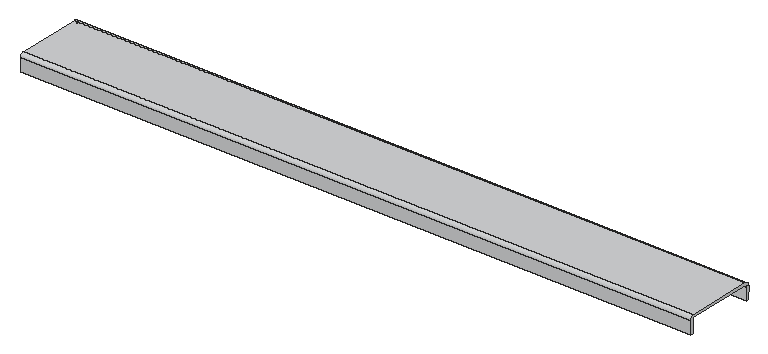
Revit family "Schlüter-KERDI-LINE-D E Fliesenträger D", category Sanitärinstallationen, Revit 2018
Family settings
  Bemaßung runder Anschluss = Durchmesser verwenden
  Teiletyp = Normal
  OmniClass-Nummer = 23.45.00.00
  OmniClass-Titel = Sanitary, Laundry, and Cleaning Equipment
  Arbeitsebenenbasiert = Nein
  Immer vertikal = Ja
  Beim Laden mit Abzugskörper schneiden = Nein
  Gemeinsam genutzt = Nein
  Raumberechnungspunkt = Nein
Parameters (values of type "Schlüter-KERDI-LINE-D E Fliesenträger D")
  Werkstoff-Nr = "1.4404"
  Werkstoff Text = "Edelstahl|rostfreier Stahl (V4A)"
  WFU = 0
  URL = "https://www.schlueter.de/"
  Typname = "Schlüter-KERDI-LINE-D E Fliesenträger D"
  Type Comments = ""
  Produktseite = "https://media.live.bim.site/t/eyJhbGciOiJIUzI1NiIsInR5cCI6IkpXVCJ9.eyJjdCI6MiwidHUiOiJodHRwczovL3d3dy5zY2hsdWV0ZXIuZGUva2VyZGktbGluZS12YXJpYW50ZW4uYXNweCNkIiwiY2lkIjoiZmVkOThlOWEtMWJkOC00YzY4LWE3M2ItNzRhOTRlMzE1ODIzIiwicmlkIjoiYmM5ODllNWVkYzlkYTVhNWM5OGUyOWE5ODlkZDAyM2QiLCJwaWQiOiJlODRjOWYzYTY4ZDViN2NkZjYzNGVlMzI5OGNhOWYxYTJjMmZiMjQyIiwic2lkIjoiNjE5MTkiLCJ1dCI6MSwibGMiOiJkZSIsImlhdCI6MTYyMDEwNzA2NCwiaXNzIjoiaHR0cHM6Ly9hcGkubGl2ZS5iaW0uc2l0ZSIsInN1YiI6IjExODcxYTdjLWY3ZGMtNDU2Ny05NDA4LWZlOTk4NmFkNjkwMSJ9.-usRpcu3WOqWEZ8SMLseevcmclxnr4vsk8MfO5RpMo8"
  Model = ""
  Mit Rahmen = no
  Lüftungsverbindung = no
  Länge [mm] Number = 0
  Länge [mm] = "[490:1790]"
  Length = 490 mm
  Kosten = 0
  KW-Verbindung = no
  Ist Zubehör = no
  Ist System = no
  Hersteller = "Schlüter-Systems"
  HeinzeBIM = "https://www.heinze.de/bim/schlueter-kerdi-line-d-e-fliesentraeger-d/e84c9f3a68d5b7cdf634ee3298ca9f1a2c2fb242"
  Height = 12 mm
  Material [instance] = Stainless steel
  Handbuch = "https://media.live.bim.site/t/eyJhbGciOiJIUzI1NiIsInR5cCI6IkpXVCJ9.eyJjdCI6MSwidGYiOiJwdWJsaWMvc2NobHV0ZXItc3lzdGVtcy9lNTUzODVlLzU1MzM2Nl9FaW5iYXVfS0VSREktTElORS1EXzA4MTMucGRmIiwiY2lkIjoiZmVkOThlOWEtMWJkOC00YzY4LWE3M2ItNzRhOTRlMzE1ODIzIiwicmlkIjoiYmM5ODllNWVkYzlkYTVhNWM5OGUyOWE5ODlkZDAyM2QiLCJwaWQiOiJlODRjOWYzYTY4ZDViN2NkZjYzNGVlMzI5OGNhOWYxYTJjMmZiMjQyIiwic2lkIjoiNjE5MTkiLCJ1dCI6MiwibGMiOiJkZSIsImlhdCI6MTYyMDEwNzA2NCwiaXNzIjoiaHR0cHM6Ly9hcGkubGl2ZS5iaW0uc2l0ZSIsInN1YiI6IjExODcxYTdjLWY3ZGMtNDU2Ny05NDA4LWZlOTk4NmFkNjkwMSJ9.ehR4wooiuV3hJ446NgDGnOXAvgca0BTtWRt3XpgOjsY/553366_Einbau_KERDI-LINE-D_0813.pdf"
  HZPSID = ""
  HZPID = ""
  HWFU = 0
  HW-Verbindung = no
  HAN = ""
  GTIN = ""
  Datenblatt 3 = "https://media.live.bim.site/t/eyJhbGciOiJIUzI1NiIsInR5cCI6IkpXVCJ9.eyJjdCI6MSwidGYiOiJwdWJsaWMvc2NobHV0ZXItc3lzdGVtcy9lNTUzODVlLzU1MDAxMV9CUExfUFMyMF9ERS5wZGYiLCJjaWQiOiJmZWQ5OGU5YS0xYmQ4LTRjNjgtYTczYi03NGE5NGUzMTU4MjMiLCJyaWQiOiJiYzk4OWU1ZWRjOWRhNWE1Yzk4ZTI5YTk4OWRkMDIzZCIsInBpZCI6ImU4NGM5ZjNhNjhkNWI3Y2RmNjM0ZWUzMjk4Y2E5ZjFhMmMyZmIyNDIiLCJzaWQiOiI2MTkxOSIsInV0IjoxLCJsYyI6ImRlIiwiaWF0IjoxNjIwMTA3MDY0LCJpc3MiOiJodHRwczovL2FwaS5saXZlLmJpbS5zaXRlIiwic3ViIjoiMTE4NzFhN2MtZjdkYy00NTY3LTk0MDgtZmU5OTg2YWQ2OTAxIn0.SHjCxgrkszJPJPwI4-_Zls-DscIl2v82l70skiI7ARs/550011_BPL_PS20_DE.pdf"
  Datenblatt 2 = "https://media.live.bim.site/t/eyJhbGciOiJIUzI1NiIsInR5cCI6IkpXVCJ9.eyJjdCI6MSwidHUiOiJodHRwczovL3d3dy5oZWluemUuZGUvYXQtbWFuYWdlci9tYW5hZ2VyL2Zpcm1hLzYxOTE5LzQwMTI0OTAzP2NvbnRleHQ9MTgwNCIsImNpZCI6ImZlZDk4ZTlhLTFiZDgtNGM2OC1hNzNiLTc0YTk0ZTMxNTgyMyIsInJpZCI6ImJjOTg5ZTVlZGM5ZGE1YTVjOThlMjlhOTg5ZGQwMjNkIiwicGlkIjoiZTg0YzlmM2E2OGQ1YjdjZGY2MzRlZTMyOThjYTlmMWEyYzJmYjI0MiIsInNpZCI6IjYxOTE5IiwidXQiOjEsImxjIjoiZGUiLCJpYXQiOjE2MjAxMDcwNjQsImlzcyI6Imh0dHBzOi8vYXBpLmxpdmUuYmltLnNpdGUiLCJzdWIiOiIxMTg3MWE3Yy1mN2RjLTQ1NjctOTQwOC1mZTk5ODZhZDY5MDEifQ.gVQqSiIvFkjCmCw9ATl2EPmk3qxOhOJrY6RHh1mMoZ4"
  Datenblatt 1 = "https://media.live.bim.site/t/eyJhbGciOiJIUzI1NiIsInR5cCI6IkpXVCJ9.eyJjdCI6MSwidGYiOiJwdWJsaWMvc2NobHV0ZXItc3lzdGVtcy9lNTUzODVlL0VudHdhZXNzZXJ1bmdzLUtvbmZpZ3VyYXRvcl8yMDE5X1YwMF8wMDAueGxzYiIsImNpZCI6ImZlZDk4ZTlhLTFiZDgtNGM2OC1hNzNiLTc0YTk0ZTMxNTgyMyIsInJpZCI6ImJjOTg5ZTVlZGM5ZGE1YTVjOThlMjlhOTg5ZGQwMjNkIiwicGlkIjoiZTg0YzlmM2E2OGQ1YjdjZGY2MzRlZTMyOThjYTlmMWEyYzJmYjI0MiIsInNpZCI6IjYxOTE5IiwidXQiOjEsImxjIjoiZGUiLCJpYXQiOjE2MjAxMDcwNjQsImlzcyI6Imh0dHBzOi8vYXBpLmxpdmUuYmltLnNpdGUiLCJzdWIiOiIxMTg3MWE3Yy1mN2RjLTQ1NjctOTQwOC1mZTk5ODZhZDY5MDEifQ.zLMS6m3zhMJ5UztCX9AaoTFWDIRrIMSYmlUgmVaanTs/Entwaesserungs-Konfigurator_2019_V00_000.xlsb"
  Datenblatt = "https://media.live.bim.site/t/eyJhbGciOiJIUzI1NiIsInR5cCI6IkpXVCJ9.eyJjdCI6MSwidGYiOiJwdWJsaWMvc2NobHV0ZXItc3lzdGVtcy9lNTUzODVlL3NjaGx1ZXRlcl9kYl84Xzdfa2VyZGlfbGluZV9kZS5wZGYiLCJjaWQiOiJmZWQ5OGU5YS0xYmQ4LTRjNjgtYTczYi03NGE5NGUzMTU4MjMiLCJyaWQiOiJiYzk4OWU1ZWRjOWRhNWE1Yzk4ZTI5YTk4OWRkMDIzZCIsInBpZCI6ImU4NGM5ZjNhNjhkNWI3Y2RmNjM0ZWUzMjk4Y2E5ZjFhMmMyZmIyNDIiLCJzaWQiOiI2MTkxOSIsInV0IjoxLCJsYyI6ImRlIiwiaWF0IjoxNjIwMTA3MDY0LCJpc3MiOiJodHRwczovL2FwaS5saXZlLmJpbS5zaXRlIiwic3ViIjoiMTE4NzFhN2MtZjdkYy00NTY3LTk0MDgtZmU5OTg2YWQ2OTAxIn0.0WUssQwjgkTfSGk8mXISvyHb53dAZhrFZLyY6TUCG1Q/schlueter_db_8_7_kerdi_line_de.pdf"
  CWFU = 0
  Breite [mm] Number = 50
  Beschreibung = "Schlüter-KERDI-LINE-D ist eine rahmenlose Rinnenabdeckung, passend zu Schlüter- KERDI-LINE Rinnenkörpern. Der Belagträger ist mit einem Vlies zur Verankerung des Fliesenklebers ausgestattet und universell für alle Belagstärken geeignet. Die Schlüter®-KERDI-LINE Rinnenkörper bestehen aus solidem Edelstahl und sind in Ausführungen für die horizontale oder vertikale Entwässerung verfügbar. Sie sind in 8 Längen, passend zu den systemgehörigen Rost-/Rahmen-Kombination (Designabdeckung geschlossen/ gelocht/ Fliesenmulde) und Belagträgern erhältlich. Die Schlüter®-KERDI-LINE Rinnenkörper sind so konzipiert, dass sie variabel sowohl im Wandbereich als auch in der Fläche eingebaut werden können. Die mehrseitig umklebte Schlüter®-KERDI-LINE-Manschette ermöglicht eine sichere Abdichtung."
  Assembly Code = ""
  Keynote = ""
  BIMSITE_PRODUCT_ID = "e84c9f3a68d5b7cdf634ee3298ca9f1a2c2fb242"
  BIM = "https://media.live.bim.site/t/eyJhbGciOiJIUzI1NiIsInR5cCI6IkpXVCJ9.eyJjdCI6MSwidGYiOiJwdWJsaWMvc2NobHV0ZXItc3lzdGVtcy9lNTUzODVlL0tMIFJvc3QgRF9FLnJmYSIsImNpZCI6ImZlZDk4ZTlhLTFiZDgtNGM2OC1hNzNiLTc0YTk0ZTMxNTgyMyIsInJpZCI6ImJjOTg5ZTVlZGM5ZGE1YTVjOThlMjlhOTg5ZGQwMjNkIiwicGlkIjoiZTg0YzlmM2E2OGQ1YjdjZGY2MzRlZTMyOThjYTlmMWEyYzJmYjI0MiIsInNpZCI6IjYxOTE5IiwidXQiOjUsImxjIjoiZGUiLCJpYXQiOjE2MjAxMDcwNjQsImlzcyI6Imh0dHBzOi8vYXBpLmxpdmUuYmltLnNpdGUiLCJzdWIiOiIxMTg3MWE3Yy1mN2RjLTQ1NjctOTQwOC1mZTk5ODZhZDY5MDEifQ._4EKeiaB-3dRqJSmc4n4UZln1V8aQqu5oFcfQQ8vDCE/KL Rost D_E.rfa"
  Ausführung Text = "Belagträger D, universell für alle Belagstärken geeignet"
  Ausführung Abdeckung = "Abdeckplatte für wählbare Oberfläche"
  Abwasserrohrverbindung = no
Types (15, lengths in mm): name | Werkstoff-Nr | Werkstoff Text | URL | Typname | Produktseite | Mit Rahmen | Länge [mm] | Length | Ist Zubehör | Ist System | Hersteller | HeinzeBIM | Handbuch | Datenblatt 3 | Datenblatt 2 | Datenblatt 1 | Datenblatt | Breite [mm] Number | Beschreibung | BIMSITE_PRODUCT_ID | BIM | Ausführung Text | Ausführung Abdeckung
  KLD E 50 | "" | "" | 0 | "" | "" | yes | "" | 490 | yes | yes | 0 | "" | "" | "" | "" | "" | "" | 0 | 0 | "" | "" | "" | ""
  KLD E 60 | "" | "" | 0 | "" | "" | yes | "" | 590 | yes | yes | 0 | "" | "" | "" | "" | "" | "" | 0 | 0 | "" | "" | "" | ""
  KLD E 70 | "" | "" | 0 | "" | "" | yes | "" | 690 | yes | yes | 0 | "" | "" | "" | "" | "" | "" | 0 | 0 | "" | "" | "" | ""
  KLD E 80 | "" | "" | 0 | "" | "" | yes | "" | 790 | yes | yes | 0 | "" | "" | "" | "" | "" | "" | 0 | 0 | "" | "" | "" | ""
  KLD E 90 | "" | "" | 0 | "" | "" | yes | "" | 890 | yes | yes | 0 | "" | "" | "" | "" | "" | "" | 0 | 0 | "" | "" | "" | ""
  KLD E 100 | "" | "" | 0 | "" | "" | yes | "" | 990 | yes | yes | 0 | "" | "" | "" | "" | "" | "" | 0 | 0 | "" | "" | "" | ""
  KLD E 110 | "" | "" | 0 | "" | "" | yes | "" | 1090 | yes | yes | 0 | "" | "" | "" | "" | "" | "" | 0 | 0 | "" | "" | "" | ""
  KLD E 120 | "" | "" | 0 | "" | "" | yes | "" | 1190 | yes | yes | 0 | "" | "" | "" | "" | "" | "" | 0 | 0 | "" | "" | "" | ""
  KLD E 130 | "" | "" | 0 | "" | "" | yes | "" | 1290 | yes | yes | 0 | "" | "" | "" | "" | "" | "" | 0 | 0 | "" | "" | "" | ""
  KLD E 140 | "" | "" | 0 | "" | "" | yes | "" | 1390 | yes | yes | 0 | "" | "" | "" | "" | "" | "" | 0 | 0 | "" | "" | "" | ""
  KLD E 150 | "" | "" | 0 | "" | "" | yes | "" | 1490 | yes | yes | 0 | "" | "" | "" | "" | "" | "" | 0 | 0 | "" | "" | "" | ""
  KLD E 160 | "" | "" | 0 | "" | "" | yes | "" | 1590 | yes | yes | 0 | "" | "" | "" | "" | "" | "" | 0 | 0 | "" | "" | "" | ""
  KLD E 170 | "" | "" | 0 | "" | "" | yes | "" | 1690 | yes | yes | 0 | "" | "" | "" | "" | "" | "" | 0 | 0 | "" | "" | "" | ""
  KLD E 180 | "" | "" | 0 | "" | "" | yes | "" | 1790 | yes | yes | 0 | "" | "" | "" | "" | "" | "" | 0 | 0 | "" | "" | "" | ""
  Schlüter-KERDI-LINE-D E Fliesenträger D | "1.4404" | "Edelstahl|rostfreier Stahl (V4A)" | "https://www.schlueter.de/" | "Schlüter-KERDI-LINE-D E Fliesenträger D" | "https://media.live.bim.site/t/eyJhbGciOiJIUzI1NiIsInR5cCI6IkpXVCJ9.eyJjdCI6MiwidHUiOiJodHRwczovL3d3dy5zY2hsdWV0ZXIuZGUva2VyZGktbGluZS12YXJpYW50ZW4uYXNweCNkIiwiY2lkIjoiZmVkOThlOWEtMWJkOC00YzY4LWE3M2ItNzRhOTRlMzE1ODIzIiwicmlkIjoiYmM5ODllNWVkYzlkYTVhNWM5OGUyOWE5ODlkZDAyM2QiLCJwaWQiOiJlODRjOWYzYTY4ZDViN2NkZjYzNGVlMzI5OGNhOWYxYTJjMmZiMjQyIiwic2lkIjoiNjE5MTkiLCJ1dCI6MSwibGMiOiJkZSIsImlhdCI6MTYyMDEwNzA2NCwiaXNzIjoiaHR0cHM6Ly9hcGkubGl2ZS5iaW0uc2l0ZSIsInN1YiI6IjExODcxYTdjLWY3ZGMtNDU2Ny05NDA4LWZlOTk4NmFkNjkwMSJ9.-usRpcu3WOqWEZ8SMLseevcmclxnr4vsk8MfO5RpMo8" | no | "[490:1790]" | 490 | no | no | "Schlüter-Systems" | "https://www.heinze.de/bim/schlueter-kerdi-line-d-e-fliesentraeger-d/e84c9f3a68d5b7cdf634ee3298ca9f1a2c2fb242" | "https://media.live.bim.site/t/eyJhbGciOiJIUzI1NiIsInR5cCI6IkpXVCJ9.eyJjdCI6MSwidGYiOiJwdWJsaWMvc2NobHV0ZXItc3lzdGVtcy9lNTUzODVlLzU1MzM2Nl9FaW5iYXVfS0VSREktTElORS1EXzA4MTMucGRmIiwiY2lkIjoiZmVkOThlOWEtMWJkOC00YzY4LWE3M2ItNzRhOTRlMzE1ODIzIiwicmlkIjoiYmM5ODllNWVkYzlkYTVhNWM5OGUyOWE5ODlkZDAyM2QiLCJwaWQiOiJlODRjOWYzYTY4ZDViN2NkZjYzNGVlMzI5OGNhOWYxYTJjMmZiMjQyIiwic2lkIjoiNjE5MTkiLCJ1dCI6MiwibGMiOiJkZSIsImlhdCI6MTYyMDEwNzA2NCwiaXNzIjoiaHR0cHM6Ly9hcGkubGl2ZS5iaW0uc2l0ZSIsInN1YiI6IjExODcxYTdjLWY3ZGMtNDU2Ny05NDA4LWZlOTk4NmFkNjkwMSJ9.ehR4wooiuV3hJ446NgDGnOXAvgca0BTtWRt3XpgOjsY/553366_Einbau_KERDI-LINE-D_0813.pdf" | "https://media.live.bim.site/t/eyJhbGciOiJIUzI1NiIsInR5cCI6IkpXVCJ9.eyJjdCI6MSwidGYiOiJwdWJsaWMvc2NobHV0ZXItc3lzdGVtcy9lNTUzODVlLzU1MDAxMV9CUExfUFMyMF9ERS5wZGYiLCJjaWQiOiJmZWQ5OGU5YS0xYmQ4LTRjNjgtYTczYi03NGE5NGUzMTU4MjMiLCJyaWQiOiJiYzk4OWU1ZWRjOWRhNWE1Yzk4ZTI5YTk4OWRkMDIzZCIsInBpZCI6ImU4NGM5ZjNhNjhkNWI3Y2RmNjM0ZWUzMjk4Y2E5ZjFhMmMyZmIyNDIiLCJzaWQiOiI2MTkxOSIsInV0IjoxLCJsYyI6ImRlIiwiaWF0IjoxNjIwMTA3MDY0LCJpc3MiOiJodHRwczovL2FwaS5saXZlLmJpbS5zaXRlIiwic3ViIjoiMTE4NzFhN2MtZjdkYy00NTY3LTk0MDgtZmU5OTg2YWQ2OTAxIn0.SHjCxgrkszJPJPwI4-_Zls-DscIl2v82l70skiI7ARs/550011_BPL_PS20_DE.pdf" | "https://media.live.bim.site/t/eyJhbGciOiJIUzI1NiIsInR5cCI6IkpXVCJ9.eyJjdCI6MSwidHUiOiJodHRwczovL3d3dy5oZWluemUuZGUvYXQtbWFuYWdlci9tYW5hZ2VyL2Zpcm1hLzYxOTE5LzQwMTI0OTAzP2NvbnRleHQ9MTgwNCIsImNpZCI6ImZlZDk4ZTlhLTFiZDgtNGM2OC1hNzNiLTc0YTk0ZTMxNTgyMyIsInJpZCI6ImJjOTg5ZTVlZGM5ZGE1YTVjOThlMjlhOTg5ZGQwMjNkIiwicGlkIjoiZTg0YzlmM2E2OGQ1YjdjZGY2MzRlZTMyOThjYTlmMWEyYzJmYjI0MiIsInNpZCI6IjYxOTE5IiwidXQiOjEsImxjIjoiZGUiLCJpYXQiOjE2MjAxMDcwNjQsImlzcyI6Imh0dHBzOi8vYXBpLmxpdmUuYmltLnNpdGUiLCJzdWIiOiIxMTg3MWE3Yy1mN2RjLTQ1NjctOTQwOC1mZTk5ODZhZDY5MDEifQ.gVQqSiIvFkjCmCw9ATl2EPmk3qxOhOJrY6RHh1mMoZ4" | "https://media.live.bim.site/t/eyJhbGciOiJIUzI1NiIsInR5cCI6IkpXVCJ9.eyJjdCI6MSwidGYiOiJwdWJsaWMvc2NobHV0ZXItc3lzdGVtcy9lNTUzODVlL0VudHdhZXNzZXJ1bmdzLUtvbmZpZ3VyYXRvcl8yMDE5X1YwMF8wMDAueGxzYiIsImNpZCI6ImZlZDk4ZTlhLTFiZDgtNGM2OC1hNzNiLTc0YTk0ZTMxNTgyMyIsInJpZCI6ImJjOTg5ZTVlZGM5ZGE1YTVjOThlMjlhOTg5ZGQwMjNkIiwicGlkIjoiZTg0YzlmM2E2OGQ1YjdjZGY2MzRlZTMyOThjYTlmMWEyYzJmYjI0MiIsInNpZCI6IjYxOTE5IiwidXQiOjEsImxjIjoiZGUiLCJpYXQiOjE2MjAxMDcwNjQsImlzcyI6Imh0dHBzOi8vYXBpLmxpdmUuYmltLnNpdGUiLCJzdWIiOiIxMTg3MWE3Yy1mN2RjLTQ1NjctOTQwOC1mZTk5ODZhZDY5MDEifQ.zLMS6m3zhMJ5UztCX9AaoTFWDIRrIMSYmlUgmVaanTs/Entwaesserungs-Konfigurator_2019_V00_000.xlsb" | "https://media.live.bim.site/t/eyJhbGciOiJIUzI1NiIsInR5cCI6IkpXVCJ9.eyJjdCI6MSwidGYiOiJwdWJsaWMvc2NobHV0ZXItc3lzdGVtcy9lNTUzODVlL3NjaGx1ZXRlcl9kYl84Xzdfa2VyZGlfbGluZV9kZS5wZGYiLCJjaWQiOiJmZWQ5OGU5YS0xYmQ4LTRjNjgtYTczYi03NGE5NGUzMTU4MjMiLCJyaWQiOiJiYzk4OWU1ZWRjOWRhNWE1Yzk4ZTI5YTk4OWRkMDIzZCIsInBpZCI6ImU4NGM5ZjNhNjhkNWI3Y2RmNjM0ZWUzMjk4Y2E5ZjFhMmMyZmIyNDIiLCJzaWQiOiI2MTkxOSIsInV0IjoxLCJsYyI6ImRlIiwiaWF0IjoxNjIwMTA3MDY0LCJpc3MiOiJodHRwczovL2FwaS5saXZlLmJpbS5zaXRlIiwic3ViIjoiMTE4NzFhN2MtZjdkYy00NTY3LTk0MDgtZmU5OTg2YWQ2OTAxIn0.0WUssQwjgkTfSGk8mXISvyHb53dAZhrFZLyY6TUCG1Q/schlueter_db_8_7_kerdi_line_de.pdf" | 50 | "Schlüter-KERDI-LINE-D ist eine rahmenlose Rinnenabdeckung, passend zu Schlüter- KERDI-LINE Rinnenkörpern. Der Belagträger ist mit einem Vlies zur Verankerung des Fliesenklebers ausgestattet und universell für alle Belagstärken geeignet. Die Schlüter®-KERDI-LINE Rinnenkörper bestehen aus solidem Edelstahl und sind in Ausführungen für die horizontale oder vertikale Entwässerung verfügbar. Sie sind in 8 Längen, passend zu den systemgehörigen Rost-/Rahmen-Kombination (Designabdeckung geschlossen/ gelocht/ Fliesenmulde) und Belagträgern erhältlich. Die Schlüter®-KERDI-LINE Rinnenkörper sind so konzipiert, dass sie variabel sowohl im Wandbereich als auch in der Fläche eingebaut werden können. Die mehrseitig umklebte Schlüter®-KERDI-LINE-Manschette ermöglicht eine sichere Abdichtung." | "e84c9f3a68d5b7cdf634ee3298ca9f1a2c2fb242" | "https://media.live.bim.site/t/eyJhbGciOiJIUzI1NiIsInR5cCI6IkpXVCJ9.eyJjdCI6MSwidGYiOiJwdWJsaWMvc2NobHV0ZXItc3lzdGVtcy9lNTUzODVlL0tMIFJvc3QgRF9FLnJmYSIsImNpZCI6ImZlZDk4ZTlhLTFiZDgtNGM2OC1hNzNiLTc0YTk0ZTMxNTgyMyIsInJpZCI6ImJjOTg5ZTVlZGM5ZGE1YTVjOThlMjlhOTg5ZGQwMjNkIiwicGlkIjoiZTg0YzlmM2E2OGQ1YjdjZGY2MzRlZTMyOThjYTlmMWEyYzJmYjI0MiIsInNpZCI6IjYxOTE5IiwidXQiOjUsImxjIjoiZGUiLCJpYXQiOjE2MjAxMDcwNjQsImlzcyI6Imh0dHBzOi8vYXBpLmxpdmUuYmltLnNpdGUiLCJzdWIiOiIxMTg3MWE3Yy1mN2RjLTQ1NjctOTQwOC1mZTk5ODZhZDY5MDEifQ._4EKeiaB-3dRqJSmc4n4UZln1V8aQqu5oFcfQQ8vDCE/KL Rost D_E.rfa" | "Belagträger D, universell für alle Belagstärken geeignet" | "Abdeckplatte für wählbare Oberfläche"
Reference planes
  plane 1 "Center (Front/Back)": y = 0
  plane 2: z = 0
  plane 3 "Center (Left/Right)": x = 0
  plane 4: x = -245
  plane 5: x = 245
  plane 6: z = 1.5
  plane 7: z = -10.5
Forms (mm)
  Extrusion 1, solid, material "Stainless steel" <- "Material", detail levels fine
    sketch origin (0, 0, -10.498) x (0, -1, 0) y (0, 0, 1)
      loop
        line (-23.248, 10.498) -> (23.248, 10.498)
        arc (23.248, 10.498) -> (24.318, 10.05) -> (24.748, 8.972) r 1.5
        line (24.748, 8.972) -> (24.592, -0.002) -> (26.092, -0.002) -> (26.248, 8.946)
        arc (26.248, 8.946) -> (25.388, 11.101) -> (23.248, 11.998) r 3
        line (23.248, 11.998) -> (-23.248, 11.998)
        arc (-23.248, 11.998) -> (-25.388, 11.101) -> (-26.248, 8.946) r 3
        line (-26.248, 8.946) -> (-26.092, -0.002) -> (-24.592, -0.002) -> (-24.748, 8.972)
        arc (-24.748, 8.972) -> (-24.318, 10.05) -> (-23.248, 10.498) r 1.5
    from -245 to 245
  Extrusion 2, void, not visible
    sketch origin (0, 0, 0) x (1, 0, 0) y (0, 1, 0)
      loop
        line (-17.5, 891) -> (-17.5, 884) -> (-10.5, 884) -> (-10.5, 891) -> (-17.5, 891)
    from 10.498 to 11.998
  Extrusion 3, solid, material "Stainless steel" <- "Material", detail levels medium
    sketch origin (-646.5, -0.001, -10.498) x (0, -1, 0) y (0, 0, 1)
      loop
        line (-24.591, -0.002) -> (-24.775, 10.498) -> (24.773, 10.498) -> (24.593, -0.002) -> (26.093, -0.002) -> (26.299, 11.998) -> (-26.301, 11.998) -> (-26.091, -0.002) -> (-24.591, -0.002)
    from -891.5 to -401.5
  Extrusion 4, solid, material "Stainless steel" <- "Material", detail levels coarse
    sketch origin (-896.5, 0, -10.498) x (0, -1, 0) y (0, 0, 1)
      loop
        line (26.248, 11.998) -> (-26.248, 11.998) -> (-26.248, -0.002) -> (26.248, -0.002) -> (26.248, 11.998)
    from -1141.5 to -651.5
Lines and regions (mm)
  reference lines
    curve 1: line (-245, 0, 0) -> (245, 0, 0)
Dimensions and locks
  equal spacing: plane 4, plane 3 "Center (Left/Right)", plane 5
  "Length": plane 4 to plane 5
  "Height": plane 6 to plane 7
  aligned and locked: plane 2 to level
  aligned and locked: Extrusion 4 to plane 4
  aligned and locked: Extrusion 3 to plane 4
  aligned and locked: plane 5 to Extrusion 4
  aligned and locked: plane 5 to Extrusion 3
  aligned and locked: Extrusion 1 to plane 4
  aligned and locked: plane 5 to Extrusion 1
  aligned and locked: plane 6 to Extrusion 3
  aligned and locked: plane 6 to Extrusion 4
  aligned and locked: plane 6 to Extrusion 1
  aligned and locked: plane 7 to Extrusion 4
  aligned and locked: Extrusion 1 to plane 7  (x2)
  aligned and locked: plane 4 to curve 1
  aligned and locked: plane 5 to curve 1
Automatic sketch dimensions
  Extrusion 4 sketch curve to level = 10.5 mm
  level to Extrusion 4 sketch curve = 1.5 mm
  Extrusion 4 sketch curve to plane 1 "Center (Front/Back)" = 26.248 mm
  Extrusion 4 sketch curve to Extrusion 4 sketch curve = 52.496 mm
  Extrusion 3 sketch curve to plane 6 = 0 mm
  Extrusion 3 sketch curve to plane 1 "Center (Front/Back)" = 26.3 mm
  plane 7 to Extrusion 3 sketch curve = 0 mm  (x2)
  Extrusion 3 sketch curve to Extrusion 3 sketch curve = 0.21 mm
  level to Extrusion 3 sketch curve = 0 mm
  Extrusion 3 sketch curve to Extrusion 3 sketch curve = 1.526 mm  (x2)
  Extrusion 3 sketch curve to Extrusion 3 sketch curve = 1.5 mm  (x2)
  Extrusion 3 sketch curve to Extrusion 3 sketch curve = 49.548 mm
  Extrusion 3 sketch curve to Extrusion 3 sketch curve = 0.18 mm
  Extrusion 1 sketch curve to plane 6 = 0 mm
  Extrusion 1 sketch curve to level = 0 mm
  Extrusion 1 sketch curve to level = 1.552 mm  (x2)
  Extrusion 1 sketch curve to plane 1 "Center (Front/Back)" = 26.248 mm
  plane 7 to Extrusion 1 sketch curve = 0 mm
  Extrusion 1 sketch curve to Extrusion 1 sketch curve = 0.156 mm
  Extrusion 1 sketch curve to level = 1.526 mm  (x2)
  Extrusion 1 sketch curve to Extrusion 1 sketch curve = 1.5 mm  (x4)
  Extrusion 1 sketch curve to level = 1.5 mm  (x2)
  Extrusion 1 sketch curve to Extrusion 1 sketch curve = 0 mm  (x2)
  plane 1 "Center (Front/Back)" to Extrusion 1 sketch curve = 23.248 mm
  Extrusion 1 sketch curve to Extrusion 1 sketch curve = 1.343 mm
  Extrusion 1 sketch curve to plane 7 = 0 mm
  plane 1 "Center (Front/Back)" to curve 1 = 0 mm
